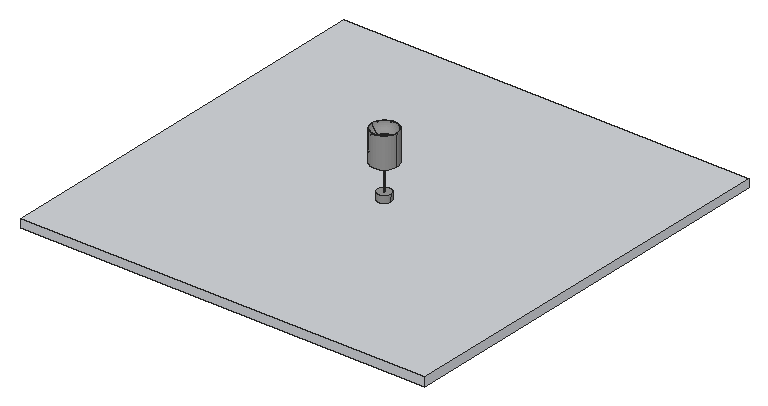
Revit family "LAMP_KOMBIC 150 SURFACE 2000 CRI80 OPTIC", category Luminarias, Revit 2018
Family settings
  Anfitrión = Cara
  Cota de conector redondo = Diámetro de uso
  Tipo de pieza = Normal
  Corte con vacíos al cargar = No
  Origen de luz = Sí
  Compartido = No
  Punto de cálculo de habitación = No
Parameters (values of type "1145LM 3000K  B/B")
  Ángulo de inclinación = -90.00°
  Weight = 1.738 kg
  UGR = "16"
  Type = "COB PHILIPS"
  Protection rating = "IP40"
  Product datasheet = "http://www.lamp.es/product-files/TECH/K21SF2040WF830NBB-EN.pdf"
  Product code = "K21SF2040WF830NBB"
  Product URL = "https://www.lamp.es/en/family/kombic-surface_474354"
  Power Supply = "220-240V 50/60Hz"
  Power = 12 W
  Plum = 14.1 W
  Modelo = Product code  # "K21SF2040WF830NBB"
  Model explanation = "Possibility of chossing between surface or suspended within the model"
  Material reflector = LAMP_PC Reflector Kombic Metalizado Negro
  Material floron = LAMP_Plástico genérico NG
  Material difusor = LAMP_PMMA Difusor Kombic
  Material cuerpo = LAMP_Plástico genérico NG
  Material cable suspension = LAMP_Acero genérico
  Manufacturer name = "LAMP"
  Manufacturer country = "Spain"
  Manufacturer URL = "http://www.lamp.es/en"
  MacAdam = "3"
  Luminaire type = "Suspended"
  Last update = "07/10/2021"
  Lamp = "COB LED"
  LED Lifetime = "50.000 L90 B10"
  Insulation class = "II"
  Installation instructions = "https://www.lamp.es/product-files/packed/by-family/474354_INS_all.zip"
  IEE = "A+"
  Height suspension [instance] = 200 mm
  Height distance [instance] = if(Surface, 0.1 mm, if(Ceiling rose, if(Height suspension > 38 mm, if(Height suspension < 2000 mm, Height suspension, 2000 mm), 38 mm), 37 mm))  # 200 mm
  Wattage = 14.1 W
  built-in parameter 1150107 = 3000 (stored number, unit not read)
  Surface [instance] = no
  built-in parameter 1150110 = 1 (stored number, unit not read)
  built-in parameter 1150109 = 1 (stored number, unit not read)
  built-in parameter 1150112 = 1 (stored number, unit not read)
  built-in parameter 1150113 = 1 (stored number, unit not read)
  built-in parameter 1114218 = 1 (stored number, unit not read)
  built-in parameter 1150137 = (empty or 0)
  built-in parameter 1150132 = 2
  built-in parameter 1150105 = 1133.3 (stored number, unit not read)
  built-in parameter 1150102 = (empty or 0)
  built-in parameter 1150106 = 11.333 (stored number, unit not read)
  Height = 180 mm
  Gear = "Electronic"
  Lumens = 1144.92 lm
  Finish = "Matte black RAL 9011"
  Color Filter = 16777215
  built-in parameter 1114217 = 1 (stored number, unit not read)
  built-in parameter 1150139 = (empty or 0)
  Fabricante = Manufacturer name  # "LAMP"
  Default Elevation = 1219.2 mm
  built-in parameter 1150104 = 7.5437 (stored number, unit not read)
  Efficacy = 81.2 lm/W
  Diameter = 150 mm
  built-in parameter 1150115 = 1 (stored number, unit not read)
  built-in parameter 1150114 = 1 (stored number, unit not read)
  built-in parameter 1150138 = (empty or 0)
  built-in parameter 1150134 = (empty or 0)
  Ceiling rose [instance] = not(Surface)  # yes
  Dimming Lamp Color Temperature Shift = (empty or 0)
  CRI = "80"
  Archivo de red fotométrica = "K21SF2040WF830NBB.IES"
  built-in parameter 1150133 = 10 (stored number, unit not read)
Types (12, lengths in mm): name | Product datasheet | Product code | Modelo | Material reflector | Material floron | Material cuerpo | built-in parameter 1150107 | built-in parameter 1150105 | built-in parameter 1150106 | Lumens | Finish | built-in parameter 1150104 | Efficacy | built-in parameter 1150134 | Archivo de red fotométrica
  1145LM 3000K  B/B | "http://www.lamp.es/product-files/TECH/K21SF2040WF830NBB-EN.pdf" | "K21SF2040WF830NBB" | "K21SF2040WF830NBB" | LAMP_PC Reflector Kombic Metalizado Negro | LAMP_Plástico genérico NG | LAMP_Plástico genérico NG | 3000 (stored number, unit not read) | 1133.3 (stored number, unit not read) | 11.333 (stored number, unit not read) | 1144.92 lm | "Matte black RAL 9011" | 7.5437 (stored number, unit not read) | 81.2 lm/W | (empty or 0) | "K21SF2040WF830NBB.IES"
  1145LM 3000K  B/W | "http://www.lamp.es/product-files/TECH/K21SF2040WF830NBW-EN.pdf" | "K21SF2040WF830NBW" | "K21SF2040WF830NBW" | LAMP_PC Reflector Kombic Metalizado Negro | LAMP_Plástico genérico BL | LAMP_Plástico genérico BL | 3000 (stored number, unit not read) | 1133.3 (stored number, unit not read) | 11.333 (stored number, unit not read) | 1144.92 lm | "Matte white RAL 9010" | 7.5437 (stored number, unit not read) | 81.2 lm/W | (empty or 0) | "K21SF2040WF830NBW.IES"
  1148LM 3000K  M/B | "http://www.lamp.es/product-files/TECH/K21SF2040WF830NMB-EN.pdf" | "K21SF2040WF830NMB" | "K21SF2040WF830NMB" | LAMP_PC Reflector Kombic Metalizado Mate | LAMP_Plástico genérico NG | LAMP_Plástico genérico NG | 3000 (stored number, unit not read) | 1136.1 (stored number, unit not read) | 11.361 (stored number, unit not read) | 1147.74 lm | "Matte black RAL 9011" | 7.5623 (stored number, unit not read) | 81.4 lm/W | (empty or 0) | "K21SF2040WF830NMB.IES"
  1148LM 3000K  M/W | "http://www.lamp.es/product-files/TECH/K21SF2040WF830NMW-EN.pdf" | "K21SF2040WF830NMW" | "K21SF2040WF830NMW" | LAMP_PC Reflector Kombic Metalizado Mate | LAMP_Plástico genérico BL | LAMP_Plástico genérico BL | 3000 (stored number, unit not read) | 1136.1 (stored number, unit not read) | 11.361 (stored number, unit not read) | 1147.74 lm | "Matte white RAL 9010" | 7.5623 (stored number, unit not read) | 81.4 lm/W | (empty or 0) | "K21SF2040WF830NMW.IES"
  1184LM 3000K  W/B | "http://www.lamp.es/product-files/TECH/K21SF2040WF830NWB-EN.pdf" | "K21SF2040WF830NWB" | "K21SF2040WF830NWB" | LAMP_PC Reflector Kombic Blanco | LAMP_Plástico genérico NG | LAMP_Plástico genérico NG | 3000 (stored number, unit not read) | 1172.4 (stored number, unit not read) | 11.724 (stored number, unit not read) | 1184.4 lm | "Matte black RAL 9011" | 7.8039 (stored number, unit not read) | 84 lm/W | (empty or 0) | "K21SF2040WF830NWB.IES"
  1184LM 3000K  W/W | "http://www.lamp.es/product-files/TECH/K21SF2040WF830NWW-EN.pdf" | "K21SF2040WF830NWW" | "K21SF2040WF830NWW" | LAMP_PC Reflector Kombic Blanco | LAMP_Plástico genérico BL | LAMP_Plástico genérico BL | 3000 (stored number, unit not read) | 1172.4 (stored number, unit not read) | 11.724 (stored number, unit not read) | 1184.4 lm | "Matte white RAL 9010" | 7.8039 (stored number, unit not read) | 84 lm/W | (empty or 0) | "K21SF2040WF830NWW.IES"
  1193LM 4000K  B/B | "http://www.lamp.es/product-files/TECH/K21SF2040WF840NBB-EN.pdf" | "K21SF2040WF840NBB" | "K21SF2040WF840NBB" | LAMP_PC Reflector Kombic Metalizado Negro | LAMP_Plástico genérico NG | LAMP_Plástico genérico NG | 4000 (stored number, unit not read) | 1180.8 (stored number, unit not read) | 11.808 (stored number, unit not read) | 1192.86 lm | "Matte black RAL 9011" | 7.8596 (stored number, unit not read) | 84.6 lm/W | 12 | "K21SF2040WF840NBB.IES"
  1193LM 4000K  B/W | "http://www.lamp.es/product-files/TECH/K21SF2040WF840NBW-EN.pdf" | "K21SF2040WF840NBW" | "K21SF2040WF840NBW" | LAMP_PC Reflector Kombic Metalizado Negro | LAMP_Plástico genérico BL | LAMP_Plástico genérico BL | 4000 (stored number, unit not read) | 1180.8 (stored number, unit not read) | 11.808 (stored number, unit not read) | 1192.86 lm | "Matte white RAL 9010" | 7.8596 (stored number, unit not read) | 84.6 lm/W | 12 | "K21SF2040WF840NBW.IES"
  1196LM 4000K  M/B | "http://www.lamp.es/product-files/TECH/K21SF2040WF840NMB-EN.pdf" | "K21SF2040WF840NMB" | "K21SF2040WF840NMB" | LAMP_PC Reflector Kombic Metalizado Mate | LAMP_Plástico genérico NG | LAMP_Plástico genérico NG | 3000 (stored number, unit not read) | 1183.6 (stored number, unit not read) | 11.836 (stored number, unit not read) | 1195.68 lm | "Matte black RAL 9011" | 7.8782 (stored number, unit not read) | 84.8 lm/W | (empty or 0) | "K21SF2040WF840NMB.IES"
  1196LM 4000K  M/W | "http://www.lamp.es/product-files/TECH/K21SF2040WF840NMW-EN.pdf" | "K21SF2040WF840NMW" | "K21SF2040WF840NMW" | LAMP_PC Reflector Kombic Metalizado Mate | LAMP_Plástico genérico BL | LAMP_Plástico genérico BL | 4000 (stored number, unit not read) | 1183.6 (stored number, unit not read) | 11.836 (stored number, unit not read) | 1195.68 lm | "Matte white RAL 9010" | 7.8782 (stored number, unit not read) | 84.8 lm/W | 12 | "K21SF2040WF840NMW.IES"
  1233LM 4000K  W/B | "http://www.lamp.es/product-files/TECH/K21SF2040WF840NWB-EN.pdf" | "K21SF2040WF840NWB" | "K21SF2040WF840NWB" | LAMP_PC Reflector Kombic Blanco | LAMP_Plástico genérico NG | LAMP_Plástico genérico NG | 4000 (stored number, unit not read) | 1221.3 (stored number, unit not read) | 12.213 (stored number, unit not read) | 1233.75 lm | "Matte black RAL 9011" | 8.129 (stored number, unit not read) | 87.5 lm/W | 12 | "K21SF2040WF840NWB.IES"
  1233LM 4000K  W/W | "http://www.lamp.es/product-files/TECH/K21SF2040WF840NWW-EN.pdf" | "K21SF2040WF840NWW" | "K21SF2040WF840NWW" | LAMP_PC Reflector Kombic Blanco | LAMP_Plástico genérico BL | LAMP_Plástico genérico BL | 4000 (stored number, unit not read) | 1221.3 (stored number, unit not read) | 12.213 (stored number, unit not read) | 1233.75 lm | "Matte white RAL 9010" | 8.129 (stored number, unit not read) | 87.5 lm/W | 12 | "K21SF2040WF840NWW.IES"
Reference planes
  plane 1 "Centro (Frontal/Posterior)": y = 0
  plane 2: z = 0
  plane 3 "Centro (Izquierda/Derecha)": x = 0
Forms (mm)
  Extrusion 1, solid
    sketch origin (0, 0, 0) x (1, 0, 0) y (0, 1, 0)
      loop
        line (-1219.2, 1219.2) -> (-1219.2, -1219.2) -> (1219.2, -1219.2) -> (1219.2, 1219.2) -> (-1219.2, 1219.2)
    from 0 to -50
  Extrusion 2, solid, material "LAMP_Plástico genérico NG" <- "Material cuerpo"
    sketch origin (0, 0, 0) x (1, 0, 0) y (0, 1, 0)
      loop
        circle (0, 0) r 77.5
    from 200 to 380
  Extrusion 3, void
    sketch origin (0, 0, 0) x (1, 0, 0) y (0, 1, 0)
      loop
        circle (0, 0) r 76.5
    from 270.588 to 380
  Sweep 4, solid, material "LAMP_PC Reflector Kombic Metalizado Negro" <- "Material reflector"
    path origin (105.103, -251.845, 380) x (1, 0, 0) y (0, 1, 0)
      loop
        circle (-105.103, 251.959) r 48
    profile origin (0, 48.114, 380) x (0, -1, 0) y (0, 0, 1)
      loop
        arc (-28.386, 0) -> (-15.5, -31.664) -> (14.364, -48.3) r 51.542
        line (14.364, -48.3) -> (14.364, -47.3)
        arc (14.364, -47.3) -> (-14.949, -31.098) -> (-27.386, 0) r 49.836
        line (-27.386, 0) -> (-28.386, 0)
  Extrusion 5, solid, material "LAMP_PMMA Difusor Kombic" <- "Material difusor"
    sketch origin (0, 0, 0) x (1, 0, 0) y (0, 1, 0)
      loop
        circle (0, 0) r 33.636
    from 331.7 to 332.7
  Extrusion 6, solid, material "LAMP_Plástico genérico NG" <- "Material floron", visible <- "Ceiling rose"
    sketch origin (0, 0, 0) x (1, 0, 0) y (0, 1, 0)
      loop
        circle (0, 0) r 42
    from 0 to 37
  Extrusion 7, solid, material "LAMP_Acero genérico" <- "Material cable suspension", visible <- "Ceiling rose"
    sketch origin (0, 0, 0) x (1, 0, 0) y (0, 1, 0)
      loop
        circle (0, 0) r 1
    from 37 to 200
Cuts and joins
  Extrusion 3 cuts Extrusion 2
Text (mm)
  text "Any modification of the parameters and properties of the LAMP BIM models must be executed and validated by the LAMP technical department.\nPhone: +34 93 736 68 00\nE-mail: lamp@lamp.es\n\nLAMP reserves the right to modify the technical specifications of its products." at (1856.491, -4316.333, -2622.127), in view "Preview"
Dimensions and locks
  "Height distance": Extrusion 2 to Extrusion 1
  locked: Extrusion 2 to Extrusion 2 at 180
  locked: cut or joined group of Extrusion 2, Extrusion 3 to cut or joined group of Extrusion 2, Extrusion 3 at 109.412
  aligned and locked: plane 2 to Extrusion 1
  aligned and locked: level to Extrusion 1
  aligned and locked: Extrusion 2 to Extrusion 3
  aligned and locked: Extrusion 7 to Extrusion 6
  aligned and locked: Extrusion 7 to cut or joined group of Extrusion 2, Extrusion 3
  aligned and locked: imposter light to cut or joined group of Extrusion 2, Extrusion 3
  aligned and locked: Extrusion 5 to Sweep 4  (x2)
Automatic sketch dimensions
  Extrusion 1 sketch curve to Extrusion 1 sketch curve = 2438.4 mm  (x2)
  plane 1 "Centro (Frontal/Posterior)" to Extrusion 2 sketch curve = 0 mm
  Extrusion 2 sketch curve to plane 3 "Centro (Izquierda/Derecha)" = 0 mm
  plane 1 "Centro (Frontal/Posterior)" to Extrusion 3 sketch curve = 0 mm
  Extrusion 3 sketch curve to plane 3 "Centro (Izquierda/Derecha)" = 0 mm
  plane 1 "Centro (Frontal/Posterior)" to Extrusion 6 sketch curve = 0 mm
  Extrusion 6 sketch curve to plane 3 "Centro (Izquierda/Derecha)" = 0 mm
  plane 1 "Centro (Frontal/Posterior)" to Extrusion 7 sketch curve = 0 mm
  Extrusion 7 sketch curve to plane 3 "Centro (Izquierda/Derecha)" = 0 mm
  Sweep 4 sketch curve to profile plane = 0 mm
  profile plane to Sweep 4 sketch curve = 28.386 mm
  profile plane to Sweep 4 sketch curve = 1.881 mm
  Sweep 4 sketch curve to profile plane = 22.414 mm
  Sweep 4 sketch curve to Sweep 4 sketch curve = 0.681 mm
  Sweep 4 sketch curve to Sweep 4 sketch curve = 1 mm  (x2)
  Sweep 4 sketch curve to profile plane = 14.364 mm
  plane 1 "Centro (Frontal/Posterior)" to Extrusion 5 sketch curve = 0 mm
  Extrusion 5 sketch curve to plane 3 "Centro (Izquierda/Derecha)" = 0 mm
  radius of Extrusion 2 sketch curve = 77.5 mm
  radius of Extrusion 3 sketch curve = 76.5 mm
  radius of Sweep 4 sketch curve = 48 mm
  radius of Extrusion 6 sketch curve = 42 mm
  radius of Extrusion 7 sketch curve = 1 mm
  radius of Extrusion 5 sketch curve = 33.636 mm
Connectors
  electrical at (0, 0, 200)
    settings: on cut or joined group of Extrusion 2, Extrusion 3, index 1, voltage 230 V, apparent load 0 VA, apparent load phase1 0 VA, apparent load phase2 0 VA, apparent load phase3 0 VA, power factor 1, load classification "Otro", number of poles 1, system type 31, power factor state 1, is connector primary yes, connector utility no, sub classification motor no, connector description ""
